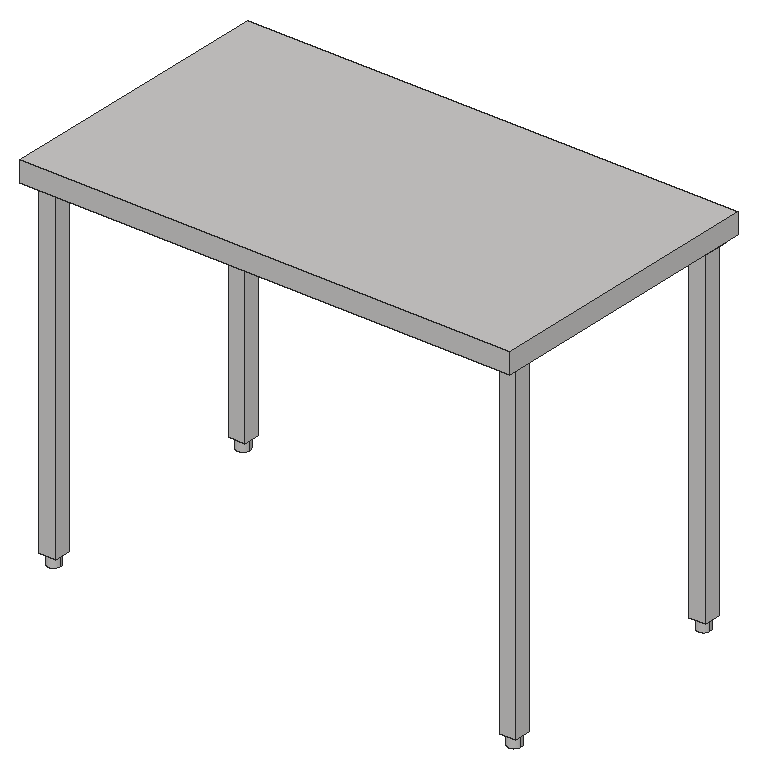
Revit family "QF_ZANUSSI_132840_WTD1207N", category Attrezzature speciali, Revit 2020
Family settings
  Quota connettore circolare = Usa diametro
  Tipo di parte = Normale
  Basato su piano di lavoro = No
  Sempre verticale = Sì
  Taglio con vuoti quando caricato = No
  Condiviso = No
  Punto di calcolo locali = No
Parameters (values of type "Standard")
  Weight = 43.00 kg
  Watts = 0 W
  Volts = 0 V
  URL Manufacturer = "http://www.zanussiprofessional.com"
  URL = "http://www.zanussiprofessional.com"
  Steam Supply Size = 0 mm
  Steam Supply Minimum Pressure = 0.0 Pa
  Steam Supply Maximum Pressure = 0.0 Pa
  Steam Consumption per Hour = 0
  Refrigeration Suction Line Size = 0.0 mm
  Refrigeration Liquid Line Size = 0.0 mm
  Refrigerant Compressor Remote = yes
  Prospetto di default = 0.0 mm
  Produttore = "Zanussi"
  Phase = 0
  Modello = "WTD1207N"
  Length Actual = 1200.0 mm  # constant formula
  Item Number = "132840"
  Hot Water Size = 0 mm
  Height Actual = 900.0 mm  # constant formula
  HP = "0 HP"
  Gas Size = 0 mm
  Gas KW = 0
  Gas Input Pressure = 0 W
  Direct Waste Size = 0 mm
  Descrizione = "WORK TABLE-DISASSEMBLED 1200MM"
  Depth Actual = 700.0 mm  # constant formula
  Cycle = 0 Hz
  Condensate Return Size = 0 mm
  Compressed Air Volume = 0.0 L/s
  Compressed Air Size = 0 mm
  Compressed Air Pressure = 0.0 Pa
  Cold Water Size = 0 mm
  Accessory = yes
Reference planes
  plane 1 "Center (Front/Back)": y = 0
  plane 2: z = 0
  plane 3 "Center (Left/Right)": x = -100
  plane 4 "LEFT": x = -700
  plane 5 "RIGHT": x = 500
  plane 6 "BACK": y = 350
  plane 7 "FRONT": y = -350
  plane 8 "Base": z = 850
  plane 9 "TOP": z = 900
  plane 10: x = -664.5
  plane 11: x = 464.5
  plane 12: y = 290
  plane 13: y = -290
Forms (mm)
  Extrusion 1, solid, material "QF_Finishes_Stainless Steel"
    sketch origin (-100, 0, 0) x (0, 1, 0) y (0, 0, 1)
      loop
        line (-350, 850) -> (350, 850) -> (350, 900) -> (-350, 900) -> (-350, 850)
    from 600 to -600
Lines and regions (mm)
  symbolic lines
    curve 1: line (500, 350, 900) -> (-700, 350, 900)
    curve 2: line (-700, 350, 900) -> (-700, -350, 900)
    curve 3: line (-700, -350, 900) -> (500, -350, 900)
    curve 4: line (500, -350, 900) -> (500, 350, 900)
Dimensions and locks
  plane 4 "LEFT" to plane 5 "RIGHT" = 1200.0 mm
  equal spacing: plane 4 "LEFT", plane 3 "Center (Left/Right)", plane 5 "RIGHT"
  locked: plane 8 "Base" to level at 850
  plane 4 "LEFT" to plane 10 = 35.5 mm
  plane 11 to plane 5 "RIGHT" = 35.5 mm
  plane 10 to plane 11 = 1129.0 mm
  locked: plane 9 "TOP" to level at 900
  plane 6 "BACK" to plane 12 = 60.0 mm
  plane 13 to plane 7 "FRONT" = 60.0 mm
  plane 6 "BACK" to plane 7 "FRONT" = 700.0 mm
  plane 12 to plane 13 = 580.0 mm
  equal spacing: plane 6 "BACK", plane 1 "Center (Front/Back)", plane 7 "FRONT"
  aligned and locked: level to plane 2
  aligned and locked: plane 10 to nested 1
  aligned and locked: nested 1 to plane 13
  aligned and locked: plane 11 to nested 2
  aligned and locked: nested 2 to plane 13
  aligned and locked: plane 11 to nested 4
  aligned and locked: nested 4 to plane 12
  aligned and locked: plane 10 to nested 3
  aligned and locked: nested 3 to plane 12
  aligned and locked: Extrusion 1 to plane 4 "LEFT"
  aligned and locked: plane 5 "RIGHT" to Extrusion 1
  aligned and locked: curve 2 to plane 4 "LEFT"
Automatic sketch dimensions
  Extrusion 1 sketch curve to plane 7 "FRONT" = 0.0 mm
  Extrusion 1 sketch curve to plane 8 "Base" = 0.0 mm
  curve 3 to plane 7 "FRONT" = 0.0 mm
  curve 4 to plane 6 "BACK" = 0.0 mm
  Extrusion 1 sketch curve to plane 9 "TOP" = 0.0 mm
  Extrusion 1 sketch curve to plane 6 "BACK" = 0.0 mm
  curve 4 to plane 5 "RIGHT" = 0.0 mm
Nested families
  nested 1: "FEET_40x40" at (-664.5, -290, 0), type "FEET_40x40"
  nested 2: "FEET_40x40" at (464.5, -290, 0), type "FEET_40x40"
  nested 3: "FEET_40x40" at (-664.5, 290, 0), type "FEET_40x40"
  nested 4: "FEET_40x40" at (464.5, 290, 0), type "FEET_40x40"
Definition of nested family "FEET_40x40"
  Parameters
    Default Elevation = 0.0 mm
    FEET = 850.0 mm
  Reference planes
    plane 1 "Center (Front/Back)": y = 0
    plane 2: z = 0
    plane 3 "Center (Left/Right)": x = 0
    plane 4: z = 850
  Forms (mm)
    Extrusion 1, solid
      sketch origin (0, 0, 0) x (1, 0, 0) y (0, 1, 0)
        loop
          line (-20, -20) -> (20, -20) -> (20, 20) -> (-20, 20) -> (-20, -20)
      from 25 to 845
    Extrusion 2, solid
      sketch origin (0, 0, 0) x (1, 0, 0) y (0, 1, 0)
        loop
          circle (0, 0) r 16
      from 0 to 25
    Extrusion 3, solid
      sketch origin (0, 0, 0) x (1, 0, 0) y (0, 1, 0)
        loop
          line (30, 30) -> (-30, 30) -> (-30, -30) -> (30, -30) -> (30, 30)
      from 845 to 850
  Lines and regions (mm)
    symbolic lines
      curve 1: line (0, -1.503, 0) -> (0, 1.508, 0)
      curve 2: line (1.561, 0, 0) -> (-1.439, 0, 0)
  Dimensions and locks
    "FEET": plane 4 to plane 2
    aligned and locked: level to plane 2
  Automatic sketch dimensions
    Extrusion 1 sketch curve to plane 3 "Center (Left/Right)" = 20.0 mm
    plane 3 "Center (Left/Right)" to Extrusion 1 sketch curve = 20.0 mm
    plane 1 "Center (Front/Back)" to Extrusion 1 sketch curve = 20.0 mm
    Extrusion 1 sketch curve to plane 1 "Center (Front/Back)" = 20.0 mm
    plane 1 "Center (Front/Back)" to Extrusion 2 sketch curve = 0.0 mm
    Extrusion 2 sketch curve to plane 3 "Center (Left/Right)" = 0.0 mm
    plane 3 "Center (Left/Right)" to Extrusion 3 sketch curve = 30.0 mm
    Extrusion 3 sketch curve to plane 1 "Center (Front/Back)" = 30.0 mm
    Extrusion 3 sketch curve to plane 3 "Center (Left/Right)" = 30.0 mm
    plane 1 "Center (Front/Back)" to Extrusion 3 sketch curve = 30.0 mm
    plane 1 "Center (Front/Back)" to curve 2 = 0.0 mm
    curve 1 to plane 3 "Center (Left/Right)" = 0.0 mm
    curve 2 to plane 3 "Center (Left/Right)" = 1.439 mm
    plane 3 "Center (Left/Right)" to curve 2 = 1.561 mm
    plane 1 "Center (Front/Back)" to curve 1 = 1.503 mm
    curve 1 to plane 1 "Center (Front/Back)" = 1.508 mm
    radius of Extrusion 2 sketch curve = 16.0 mm
